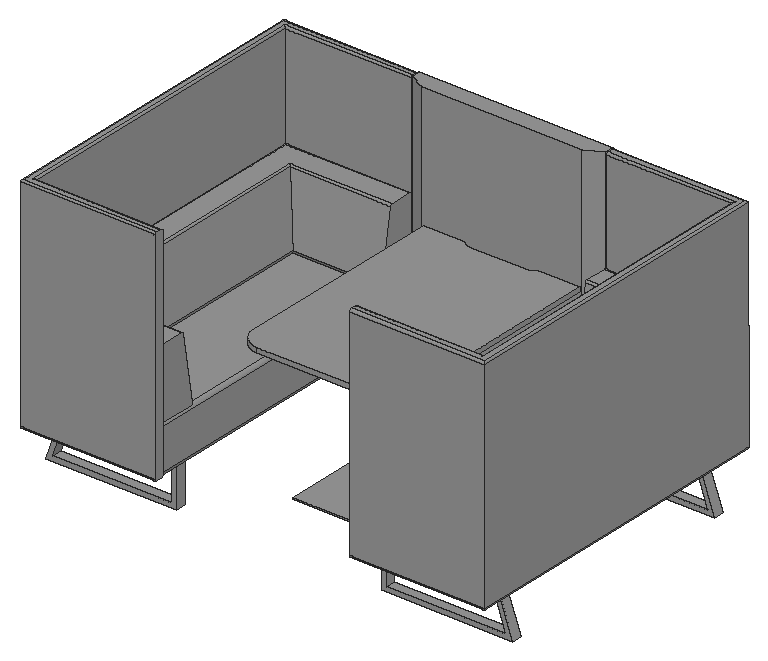
Revit family "TP94TMH", category Furniture, Revit 2019
Family settings
  OmniClass Number = 23.40.20.00
  OmniClass Title = General Furniture and Specialties
  Work Plane-Based = No
  Always vertical = Yes
  Cut with Voids When Loaded = No
  Shared = No
  Room Calculation Point = No
Parameters (values of type "TP94TMH-K")
  URL = "www.gof.co.uk"
  Seat = GABRIEL Byron_02101
  Range = "SEATING"
  Product Data Specification = "https://gof.co.uk/wp-content/uploads/2016/02/Take-Off-Task-Product-Data-Sheet.compressed.pdf"
  Product Code = "TP94TMH-K"
  Product Brochure = "https://gof.co.uk/wp-content/uploads/2016/04/Take_Off_Reception_Brochure_2016.pdf"
  Model = "TAKE OFF PLUS"
  Manufacturer = "Gresham Office Furniture"  # constant formula
  Low Surround (Vis) = no
  High Surround (Vis) = yes
  High Surround = GABRIEL Byron_02101
  Circular Leg Frame = no
  Back = Gresham - Camira  Trail - HTL02
  Angled Base Frame = yes
Types (2, lengths in mm): name | Product Code | Circular Leg Frame | Angled Base Frame
  TP94TMH-K | "TP94TMH-K" | no | yes
  TP94TMH-4 | "TP94TMH-4" | yes | no
Reference planes
  plane 1 "Center (Front/Back)": y = -497.5
  plane 2: z = 0
  plane 3 "Center (Left/Right)": x = 0
  plane 4: y = 347.5
  plane 5: x = 1195
  plane 6: x = -1195
  plane 7 "Right Inner": x = 1150
  plane 8 "Left Inner": x = -1150
  plane 9: y = 302.5
  plane 10: y = -1342.5
  plane 11: z = 1360
Dimensions and locks
  locked: plane 7 "Right Inner" to plane 5 at 45
  locked: plane 6 to plane 8 "Left Inner" at 45
  locked: plane 9 to plane 4 at 45
  plane 6 to plane 3 "Center (Left/Right)" to plane 5 = 1195 mm, 1195 mm
  plane 11 to level = 1360 mm
  nested 2 to nested 1 = 1000 mm
  nested 2 to plane 4 = 1690 mm
  equal spacing: plane 10, plane 1 "Center (Front/Back)", plane 4
  aligned and locked: level to plane 2
Nested families
  nested 1: "TP3H - TP3L" at (847.5, -497.5, 0) x (0, -1, 0) z (0, 0, 1), type "TP3H-K"
  nested 2: "TP3H - TP3L" at (-847.5, -497.5, 0) x (0, -1, 0) z (0, 0, 1), type "TP3H-K"
  nested 3: "1000 Curved Connector With 1200 Table" at (0, 0, 0), type "High Connector"
Definition of nested family "TP3H - TP3L"
  Parameters (values of type "TP3H-K")
    URL = "www.gof.co.uk"
    Seat = none
    Range = "SEATING"
    Product Data Specification = "https://gof.co.uk/wp-content/uploads/2016/02/Take-Off-Task-Product-Data-Sheet.compressed.pdf"
    Product Code = "TP3H-K"
    Product Brochure = "https://gof.co.uk/wp-content/uploads/2016/04/Take_Off_Reception_Brochure_2016.pdf"
    Model = "TAKE OFF PLUS"
    Manufacturer = "Gresham Office Furniture"  # constant formula
    Low Surround = none
    Low Surround (Vis) = no
    High Surround (Vis) = yes
    High Surround = none
    Circular Leg Frame = no
    Back = none
    Angled Base Frame = yes
  Types (5, lengths in mm): name | Product Code | Low Surround (Vis) | High Surround (Vis) | Circular Leg Frame | Angled Base Frame
    (no name) | "TP3H-K" | no | yes | no | yes
    TP3L-K | "TP3L-K" | yes | no | no | yes
    TP3H-K | "TP3H-K" | no | yes | no | yes
    TP3H-4 | "TP3H-4" | no | yes | yes | no
    TP3L-4 | "TP3L-4" | yes | no | yes | no
  Reference planes
    plane 1 "Center (Front/Back)": y = 0
    plane 2: z = 0
    plane 3 "Center (Left/Right)": x = 0
    plane 4: y = 347.5
    plane 5: x = 845
    plane 6: x = -845
    plane 7 "Right Inner": x = 800
    plane 8 "Left Inner": x = -800
    plane 9: y = 302.5
    plane 10: y = -347.5
  Forms (mm)
    Extrusion 1, solid, material <- "Seat"
      sketch origin (0, 0, 215) x (0, 1, 0) y (-1, 0, 0)
        loop
          line (302.5, 800) -> (-347.5, 800) -> (-347.5, -800) -> (302.5, -800) -> (302.5, 800)
      from 0 to 250
    Sweep 2, void
      path in 3D
        loop
          line (800, -347.5, 215) -> (800, 302.5, 215) -> (-800, 302.5, 215) -> (-800, -347.5, 215) -> (800, -347.5, 215)
      profile origin (0, -347.5, 215) x (0, -1, 0) y (0, 0, -1)
        loop
          line (0, 0) -> (-20, 0)
          arc (-20, 0) -> (-5.858, -5.858) -> (0, -20) r 20
          line (0, -20) -> (0, 0)
    Sweep 3, solid, material <- "Back"
      path in 3D
        loop
          line (-800, -347.5, 465) -> (-800, 302.5, 465) -> (800, 302.5, 465) -> (800, -347.5, 465)
      profile origin (0, 302.5, 465) x (0, 1, 0) y (0, 0, 1)
        loop
          line (-132.43, 351.697) -> (-190.985, 11.697)
          arc (-190.985, 11.697) -> (-188.778, 3.557) -> (-181.131, 0) r 10
          line (-181.131, 0) -> (-10, 0)
          arc (-10, 0) -> (-2.929, 2.929) -> (0, 10) r 10
          line (0, 10) -> (0, 350)
          arc (0, 350) -> (-2.929, 357.071) -> (-10, 360) r 10
          line (-10, 360) -> (-122.575, 360)
          arc (-122.575, 360) -> (-129.018, 357.648) -> (-132.43, 351.697) r 10
    Sweep 4, solid, material <- "Low Surround", visible <- "Low Surround (Vis)"
      path in 3D
        loop
          line (-800, -347.5, 465) -> (-800, 302.5, 465) -> (800, 302.5, 465) -> (800, -347.5, 465)
      profile origin (800, -22.5, 465) x (1, 0, 0) y (0, 0, 1)
        loop
          arc (10, 360) -> (2.929, 357.071) -> (0, 350) r 10
          line (0, 350) -> (0, -240)
          arc (0, -240) -> (2.929, -247.071) -> (10, -250) r 10
          line (10, -250) -> (35, -250)
          arc (35, -250) -> (42.071, -247.071) -> (45, -240) r 10
          line (45, -240) -> (45, 350)
          arc (45, 350) -> (42.071, 357.071) -> (35, 360) r 10
          line (35, 360) -> (10, 360)
    Sweep 5, void
      path in 3D
        loop
          line (800, -347.5, 465) -> (800, 302.5, 465) -> (-800, 302.5, 465) -> (-800, -347.5, 465) -> (800, -347.5, 465)
      profile origin (0, -347.5, 465) x (0, 1, 0) y (0, 0, 1)
        loop
          line (0, 0) -> (0, -20)
          arc (0, -20) -> (5.858, -5.858) -> (20, 0) r 20
          line (20, 0) -> (0, 0)
    Sweep 6, solid, material <- "High Surround", visible <- "High Surround (Vis)"
      path in 3D
        loop
          line (-800, -347.5, 1000) -> (-800, 302.5, 1000) -> (800, 302.5, 1000) -> (800, -347.5, 1000)
      profile origin (800, -22.5, 1000) x (1, 0, 0) y (0, 0, 1)
        loop
          arc (10, 360) -> (2.929, 357.071) -> (0, 350) r 10
          line (0, 350) -> (0, -775)
          arc (0, -775) -> (2.929, -782.071) -> (10, -785) r 10
          line (10, -785) -> (35, -785)
          arc (35, -785) -> (42.071, -782.071) -> (45, -775) r 10
          line (45, -775) -> (45, 350)
          arc (45, 350) -> (42.071, 357.071) -> (35, 360) r 10
          line (35, 360) -> (10, 360)
  Cuts and joins
    Sweep 2, Sweep 5 cuts Extrusion 1
  Lines and regions (mm)
    sketch lines
      curve 1: line (-800, -347.5, 215) -> (800, -347.5, 215)
      curve 2: line (800, -347.5, 215) -> (800, 302.5, 215)
      curve 3: line (800, 302.5, 215) -> (-800, 302.5, 215)
      curve 4: line (-800, 302.5, 215) -> (-800, -347.5, 215)
      curve 5: line (-800, 302.5, 465) -> (800, 302.5, 465)
      curve 6: line (-800, -347.5, 465) -> (-800, 302.5, 465)
      curve 7: line (800, 302.5, 465) -> (800, -347.5, 465)
      curve 8: line (800, 302.5, 465) -> (800, -347.5, 465)
      curve 9: line (-800, 302.5, 465) -> (800, 302.5, 465)
      curve 10: line (-800, -347.5, 465) -> (-800, 302.5, 465)
      curve 11: line (-800, -347.5, 465) -> (800, -347.5, 465)
      curve 12: line (800, -347.5, 465) -> (800, 302.5, 465)
      curve 13: line (800, 302.5, 465) -> (-800, 302.5, 465)
      curve 14: line (-800, 302.5, 465) -> (-800, -347.5, 465)
      curve 15: line (800, 302.5, 1000) -> (800, -347.5, 1000)
      curve 16: line (-800, 302.5, 1000) -> (800, 302.5, 1000)
      curve 17: line (-800, -347.5, 1000) -> (-800, 302.5, 1000)
  Dimensions and locks
    plane 6 to plane 5 = 1690 mm
    locked: plane 7 "Right Inner" to plane 5 at 45
    locked: plane 6 to plane 8 "Left Inner" at 45
    locked: plane 9 to plane 4 at 45
    locked: plane 10 to plane 4 at 695
    equal spacing: plane 10, plane 1 "Center (Front/Back)", plane 4
    locked: nested 1 to plane 5 at 170
    locked: nested 1 to plane 10 at 26
    locked: plane 6 to nested 2 at 170
    locked: nested 2 to plane 10 at 26
    locked: nested 3 to plane 5 at 62.5
    locked: nested 3 to plane 10 at 20
    locked: plane 6 to nested 4 at 62.5
    locked: nested 4 to plane 10 at 20
    aligned and locked: level to plane 2
  Automatic sketch dimensions
    Extrusion 1 sketch curve to plane 8 "Left Inner" = 0 mm
    Extrusion 1 sketch curve to plane 10 = 0 mm
    Extrusion 1 sketch curve to plane 9 = 0 mm
    Extrusion 1 sketch curve to plane 7 "Right Inner" = 0 mm
    profile plane to Sweep 2 sketch curve = 0 mm
    Sweep 2 sketch curve to profile plane = 0 mm
    Sweep 2 sketch curve to Sweep 2 sketch curve = 20 mm
    Sweep 3 sketch curve to profile plane = 0 mm  (x2)
    profile plane to Sweep 3 sketch curve = 10 mm  (x2)
    Sweep 3 sketch curve to Sweep 3 sketch curve = 10 mm  (x2)
    Sweep 3 sketch curve to Sweep 3 sketch curve = 112.575 mm
    Sweep 3 sketch curve to Sweep 3 sketch curve = 9.855 mm
    Sweep 3 sketch curve to Sweep 3 sketch curve = 171.131 mm
    profile plane to Sweep 3 sketch curve = 11.697 mm
    Sweep 3 sketch curve to Sweep 3 sketch curve = 340 mm
    profile plane to Sweep 4 sketch curve = 0 mm
    Sweep 4 sketch curve to profile plane = 10 mm  (x2)
    Sweep 4 sketch curve to Sweep 4 sketch curve = 25 mm  (x2)
    Sweep 4 sketch curve to Sweep 4 sketch curve = 10 mm
    Sweep 4 sketch curve to profile plane = 250 mm
    profile plane to Sweep 4 sketch curve = 350 mm
    Sweep 5 sketch curve to profile plane = 0 mm  (x2)
    Sweep 5 sketch curve to profile plane = 20 mm
    profile plane to Sweep 6 sketch curve = 0 mm
    Sweep 6 sketch curve to profile plane = 10 mm  (x2)
    Sweep 6 sketch curve to Sweep 6 sketch curve = 25 mm  (x2)
    Sweep 6 sketch curve to Sweep 6 sketch curve = 10 mm
    Sweep 6 sketch curve to profile plane = 785 mm
    profile plane to Sweep 6 sketch curve = 350 mm
  Nested families
    nested 1: "Angled Base Frame" at (0, -83, 0), visible <- "Angled Base Frame", type "Angled Base Frame"
    nested 2: "Angled Base Frame" at (0, -83, 0) x (-1, 0, 0) z (0, 0, 1), visible <- "Angled Base Frame", type "Angled Base Frame"
    nested 3: "Circular Leg Frame" at (0, -83, 0), visible <- "Circular Leg Frame", type "Circular Leg Frame"
    nested 4: "Circular Leg Frame" at (0, -83, 0) x (-1, 0, 0) z (0, 0, 1), visible <- "Circular Leg Frame", type "Circular Leg Frame"
  Definition of nested family "Angled Base Frame"
    Parameters (values of type "Angled Base Frame")
      Width = 1690 mm
      URL = "www.gof.co.uk"
      Range = "TAKE OFF PLUS"
      Product Code = ""
      Manufacturer = "Gresham Office Funiture"  # constant formula
      Frame = none
    Reference planes
      plane 1 "Center (Front/Back)": y = 83
      plane 2: z = 0
      plane 3 "Center (Left/Right)": x = 0
      plane 4: x = -845
      plane 5: x = 845
      plane 6: y = 430.5
      plane 7: y = -264.5
    Forms (mm)
      Extrusion 1, solid, material <- "Frame"
        sketch origin (675, 334.886, 702) x (0, -1, 0) y (0, 0, 1)
          loop
            line (-101.614, -702) -> (573.386, -702) -> (573.386, -487) -> (-23.614, -487) -> (-101.614, -702)
          loop
            line (548.386, -677) -> (548.386, -512) -> (-6.089, -512) -> (-65.95, -677) -> (548.386, -677)
        from 0 to 50
    Dimensions and locks
      "Width": plane 4 to plane 5
      locked: plane 6 to plane 7 at 695
      equal spacing: plane 4, plane 3 "Center (Left/Right)", plane 5
      Extrusion 1 sketch curve to Extrusion 1 sketch curve = 25 mm  (x2)
      Extrusion 1 sketch curve to Extrusion 1 sketch curve = 675 mm
      Extrusion 1 sketch curve to Extrusion 1 sketch curve = 597 mm
      locked: Extrusion 1 to plane 5 at 170
      locked: Extrusion 1 to plane 7 at 26
      equal spacing: plane 6, plane 1 "Center (Front/Back)", plane 7
      aligned and locked: level to plane 2
    Automatic sketch dimensions
      Extrusion 1 sketch curve to level = 0 mm
      plane 6 to Extrusion 1 sketch curve = 6 mm
      Extrusion 1 sketch curve to plane 6 = 29.664 mm
      Extrusion 1 sketch curve to Extrusion 1 sketch curve = 17.525 mm
      level to Extrusion 1 sketch curve = 25 mm
      Extrusion 1 sketch curve to Extrusion 1 sketch curve = 165 mm
  Definition of nested family "Circular Leg Frame"
    Parameters (values of type "Circular Leg Frame")
      Width = 1690 mm
      URL = "www.gof.co.uk"
      Range = "TAKE OFF PLUS"
      Product Code = ""
      Manufacturer = "Gresham Office Funiture"  # constant formula
      Frame = none
      Foot = none
    Reference planes
      plane 1 "Center (Front/Back)": y = 83
      plane 2: z = 0
      plane 3 "Center (Left/Right)": x = 0
      plane 4: x = -845
      plane 5: x = 845
      plane 6: y = 430.5
      plane 7: y = -264.5
    Forms (mm)
      Extrusion 1, solid, material <- "Frame"
        sketch origin (770, 353.886, 702) x (0, -1, 0) y (0, 0, 1)
          loop
            line (553.386, -487) -> (-26.614, -487) -> (-26.614, -537) -> (553.386, -537) -> (553.386, -487)
        from 0 to 25
      Extrusion 2, solid, material <- "Frame"
        sketch origin (0, -25, 5) x (-1, 0, 0) y (0, -1, 0)
          loop
            circle (-757.5, 194.5) r 25
        from 0 to 210
      Extrusion 3, solid, material <- "Frame"
        sketch origin (0, 239, 5) x (-1, 0, 0) y (0, -1, 0)
          loop
            circle (-757.5, -161.5) r 25
        from 0 to 210
      Extrusion 4, solid, material <- "Foot"
        sketch origin (0, 0, 0) x (1, 0, 0) y (0, 1, 0)
          loop
            circle (757.5, -219.5) r 15
        from 0 to 5
      Extrusion 5, solid, material <- "Foot"
        sketch origin (0, 199, 0) x (1, 0, 0) y (0, 1, 0)
          loop
            circle (757.5, 201.5) r 15
        from 0 to 5
    Cuts and joins
      joined: Extrusion 1, Extrusion 2, Extrusion 3
    Dimensions and locks
      "Width": plane 4 to plane 5
      locked: plane 6 to plane 7 at 695
      equal spacing: plane 4, plane 3 "Center (Left/Right)", plane 5
      Extrusion 1 sketch curve to Extrusion 1 sketch curve = 50 mm
      locked: Extrusion 1 to plane 5 at 75
      locked: Extrusion 2 to plane 7 at 20
      Extrusion 2 to plane 7 = 70 mm
      locked: plane 6 to Extrusion 3 at 5
      plane 6 to Extrusion 5 = 15 mm
      Extrusion 4 to plane 7 = 45 mm
      plane 6 to Extrusion 5 = 30 mm
      equal spacing: plane 6, plane 1 "Center (Front/Back)", plane 7
      aligned and locked: level to plane 2
      aligned and locked: Extrusion 2 to Extrusion 1
    Automatic sketch dimensions
      Extrusion 1 sketch curve to plane 6 = 50 mm
      plane 7 to Extrusion 1 sketch curve = 65 mm
      level to Extrusion 1 sketch curve = 165 mm
      plane 5 to Extrusion 2 sketch curve = 87.5 mm
      plane 7 to Extrusion 2 sketch curve = 45 mm
      plane 6 to Extrusion 3 sketch curve = 30 mm
      Extrusion 3 sketch curve to plane 5 = 87.5 mm
      plane 5 to Extrusion 4 sketch curve = 87.5 mm
      plane 7 to Extrusion 4 sketch curve = 45 mm
      plane 6 to Extrusion 5 sketch curve = 30 mm
      Extrusion 5 sketch curve to plane 5 = 87.5 mm
      radius of Extrusion 2 sketch curve = 25 mm
      radius of Extrusion 3 sketch curve = 25 mm
      radius of Extrusion 4 sketch curve = 15 mm
      radius of Extrusion 5 sketch curve = 15 mm
Definition of nested family "1000 Curved Connector With 1200 Table"
  Parameters (values of type "High Connector")
    URL = "www.gof.co.uk"
    Table Top = none
    Range = "SEATING"
    Product Data Specification = "https://gof.co.uk/wp-content/uploads/2016/02/Take-Off-Task-Product-Data-Sheet.compressed.pdf"
    Product Code = ""
    Product Brochure = "https://gof.co.uk/wp-content/uploads/2016/04/Take_Off_Reception_Brochure_2016.pdf"
    Model = "TAKE OFF PLUS"
    Manufacturer = "Gresham Office Furniture"  # constant formula
    Low Surround = none
    Low Surround (Vis) = no
    High Surround (Vis) = yes
    High Surround = none
    Frame = none
    Foot = none
  Types (2, lengths in mm): name | Low Surround (Vis) | High Surround (Vis)
    High Connector | no | yes
    Low Connector | yes | no
  Reference planes
    plane 1 "Center (Front/Back)": y = 0
    plane 2: z = 0
    plane 3 "Center (Left/Right)": x = 0
    plane 4: y = 347.5
    plane 5: x = 500
    plane 6: x = -500
    plane 7 "Right Inner": x = 455
    plane 8 "Left Inner": x = -455
    plane 9: y = 302.5
    plane 10 "Table Top": z = 727
    plane 11 "Under Table Top": z = 702
    plane 12 "Feet": z = 3
  Forms (mm)
    Extrusion 1, solid, material <- "Table Top"
      sketch origin (0, -45, 702) x (-1, 0, 0) y (0, -1, 0)
        loop
          line (300, 897.5) -> (-300, 897.5)
          arc (-300, 897.5) -> (-370.711, 868.211) -> (-400, 797.5) r 100
          line (-400, 797.5) -> (-400, -302.5) -> (-220, -302.5)
          arc (-220, -302.5) -> (-203.896, -300.84) -> (-189, -294.5) r 54.231
          arc (-189, -294.5) -> (-160.181, -281.832) -> (-129, -277.5) r 114.382
          line (-129, -277.5) -> (129, -277.5)
          arc (129, -277.5) -> (160.181, -281.832) -> (189, -294.5) r 114.382
          arc (189, -294.5) -> (203.896, -300.84) -> (220, -302.5) r 54.231
          line (220, -302.5) -> (400, -302.5) -> (400, 797.5)
          arc (400, 797.5) -> (370.711, 868.211) -> (300, 897.5) r 100
      from 25 to 0
    Extrusion 2, solid, material <- "Frame"
      sketch origin (8.72, -45.304, 0) x (1, 0, 0) y (0, 1, 0)
        loop
          line (-125, -672.5) -> (125, -672.5) -> (125, -422.5) -> (-125, -422.5) -> (-125, -672.5)
      from 697 to 702
    Extrusion 3, solid, material <- "Frame"
      sketch origin (8.72, -45.304, 3) x (-1, 0, 0) y (0, -1, 0)
        loop
          line (225, 772.5) -> (-225, 772.5) -> (-225, 322.5) -> (225, 322.5) -> (225, 772.5)
      from 0 to 8
    Extrusion 4, solid, material <- "Frame"
      sketch origin (8.72, -45.304, 0) x (1, 0, 0) y (0, 1, 0)
        loop
          line (40, -507.5) -> (-40, -507.5) -> (-40, -587.5) -> (40, -587.5) -> (40, -507.5)
      from 11 to 697
    Extrusion 5, solid, material <- "Foot"
      sketch origin (-30.41, -70.432, 0) x (1, 0, 0) y (0, 1, 0)
        loop
          circle (-150.515, -712.017) r 20
      from 0 to 3
    Extrusion 6, solid, material <- "Foot"
      sketch origin (47.849, -70.432, 0) x (-1, 0, 0) y (0, -1, 0)
        loop
          circle (-150.515, 712.017) r 20
      from 0 to 3
    Extrusion 7, solid, material <- "Foot"
      sketch origin (-30.41, -1115.177, 0) x (1, 0, 0) y (0, 1, 0)
        loop
          circle (-150.515, 712.017) r 20
      from 0 to 3
    Extrusion 8, solid, material <- "Foot"
      sketch origin (47.849, -1115.177, 0) x (-1, 0, 0) y (0, -1, 0)
        loop
          circle (-150.515, -712.017) r 20
      from 0 to 3
  Lines and regions (mm)
    model lines
      curve 1: line (400, 0, 702) -> (400, 0, 697)
  Dimensions and locks
    plane 6 to plane 5 = 1000 mm
    locked: plane 7 "Right Inner" to plane 5 at 45
    locked: plane 6 to plane 8 "Left Inner" at 45
    locked: plane 9 to plane 4 at 45
    plane 6 to plane 3 "Center (Left/Right)" to plane 5 = 500 mm, 500 mm
    Extrusion 1 to Extrusion 1 = 25 mm
    plane 9 to Extrusion 1 sketch curve = 70 mm  (x2)
    Extrusion 1 sketch curve to Extrusion 1 sketch curve = 1200 mm
    Extrusion 1 sketch curve to Extrusion 1 sketch curve = 800 mm
    locked: plane 10 "Table Top" to level at 727
    locked: plane 11 "Under Table Top" to level at 702
    Extrusion 2 sketch curve to Extrusion 2 sketch curve = 250 mm  (x2)
    Extrusion 3 sketch curve to Extrusion 3 sketch curve = 450 mm  (x2)
    locked: plane 12 "Feet" to plane 2 at 3
    Extrusion 4 sketch curve to Extrusion 4 sketch curve = 80 mm  (x2)
    Extrusion 6 to Extrusion 3 = 15.355 mm
    Extrusion 3 to Extrusion 6 = 15.355 mm
    Extrusion 3 to Extrusion 7 = 15.355 mm  (x2)
    Extrusion 3 to Extrusion 8 = 15.355 mm
    Extrusion 1 to Extrusion 3 = 124.696 mm
    locked: Extrusion 3 to Extrusion 5 at 15.355
    Extrusion 3 to Extrusion 5 = 15.355 mm
    Extrusion 8 to Extrusion 3 = 15.355 mm
    Extrusion 1 to Extrusion 1 = 1200 mm
    aligned and locked: level to plane 2
    aligned and locked: Extrusion 1 to plane 11 "Under Table Top"
    aligned and locked: Extrusion 2 to Extrusion 1
  Nested families
    nested 1: "1000 Curved Connector" at (0, 0, 0), type "High Connector"
    nested 2: "1000 Curved Connector" at (0, 0, 0), visible <- "High Surround (Vis)", type "High Connector"
    nested 3: "1000 Curved Connector" at (0, 0, 0), visible <- "Low Surround (Vis)", type "Low Connector"
  Definition of nested family "1000 Curved Connector"
    Parameters (values of type "High Connector")
      URL = "www.gof.co.uk"
      Range = "SEATING"
      Product Data Specification = "https://gof.co.uk/wp-content/uploads/2016/02/Take-Off-Task-Product-Data-Sheet.compressed.pdf"
      Product Code = ""
      Product Brochure = "https://gof.co.uk/wp-content/uploads/2016/04/Take_Off_Reception_Brochure_2016.pdf"
      Model = "TAKE OFF PLUS"
      Manufacturer = "Gresham Office Furniture"  # constant formula
      Low Surround = none
      Low Surround (Vis) = no
      High Surround (Vis) = yes
      High Surround = none
    Types (2, lengths in mm): name | Low Surround (Vis) | High Surround (Vis)
      High Connector | no | yes
      Low Connector | yes | no
    Reference planes
      plane 1 "Center (Front/Back)": y = 0
      plane 2: z = 0
      plane 3 "Center (Left/Right)": x = 0
      plane 4: y = 347.5
      plane 5: x = 500
      plane 6: x = -500
      plane 7 "Right Inner": x = 455
      plane 8 "Left Inner": x = -455
      plane 9: y = 302.5
      plane 10: y = -347.5
    Forms (mm)
      Extrusion 1, solid, material <- "Low Surround", visible <- "Low Surround (Vis)"
        sketch origin (0, 0, 0) x (1, 0, 0) y (0, 1, 0)
          loop
            line (-500, 347.5) -> (-500, 302.5) -> (-410, 257.5) -> (410, 257.5) -> (500, 302.5) -> (500, 347.5) -> (-500, 347.5)
        from 215 to 825
      Extrusion 2, solid, material <- "High Surround", visible <- "High Surround (Vis)"
        sketch origin (0, 0, 680) x (1, 0, 0) y (0, 1, 0)
          loop
            line (-500, 347.5) -> (-500, 302.5) -> (-410, 257.5) -> (410, 257.5) -> (500, 302.5) -> (500, 347.5) -> (-500, 347.5)
        from -465 to 680
    Dimensions and locks
      plane 6 to plane 5 = 1000 mm
      locked: plane 7 "Right Inner" to plane 5 at 45
      locked: plane 6 to plane 8 "Left Inner" at 45
      locked: plane 9 to plane 4 at 45
      locked: plane 10 to plane 4 at 695
      equal spacing: plane 10, plane 1 "Center (Front/Back)", plane 4
      plane 6 to plane 3 "Center (Left/Right)" to plane 5 = 500 mm, 500 mm
      aligned and locked: level to plane 2
    Automatic sketch dimensions
      Extrusion 1 sketch curve to plane 6 = 0 mm
      plane 4 to Extrusion 1 sketch curve = 0 mm
      Extrusion 1 sketch curve to plane 5 = 0 mm
      Extrusion 1 sketch curve to plane 9 = 0 mm  (x2)
      Extrusion 1 sketch curve to plane 8 "Left Inner" = 45 mm
      Extrusion 1 sketch curve to plane 7 "Right Inner" = 45 mm
      Extrusion 1 sketch curve to plane 9 = 45 mm
      Extrusion 2 sketch curve to plane 6 = 0 mm
      plane 4 to Extrusion 2 sketch curve = 0 mm
      Extrusion 2 sketch curve to plane 5 = 0 mm
      Extrusion 2 sketch curve to plane 9 = 0 mm  (x2)
      Extrusion 2 sketch curve to plane 8 "Left Inner" = 45 mm
      Extrusion 2 sketch curve to plane 7 "Right Inner" = 45 mm
      Extrusion 2 sketch curve to plane 9 = 45 mm
